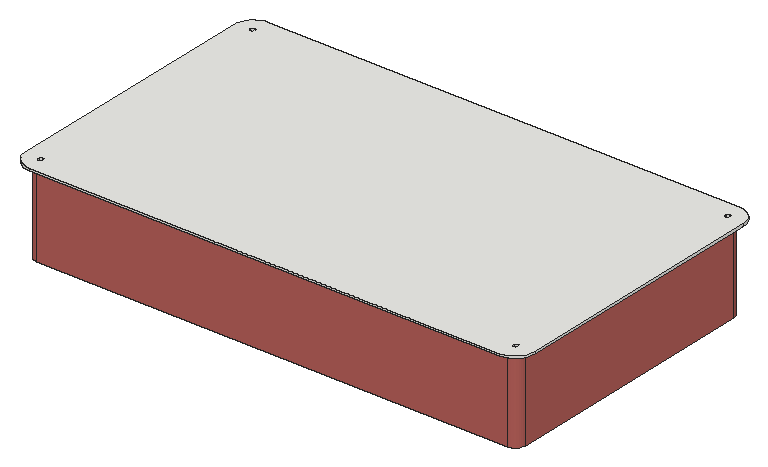
Revit family "Building-FlushMountingEnclosures-GEWISS-48PTDIN-JUNCTION-BOXES_FLUSH-MOUNTING", category Apparecchi elettrici, host Superficie, Revit 2016 (continued)
Definition of nested family "2D - 48PTDIN CASSETTE DERIVAZIONE INCASSO"
  Lines and regions (mm)
    detail lines, in view "Livello rif.", detail levels medium+fine
      curve 320: line (-98.945, -87.5, 0) -> (-108, -78.445, 0)
      curve 321: line (-108, -78.445, 0) -> (-108, 78.445, 0)
      curve 322: line (-108, 78.445, 0) -> (-98.945, 87.5, 0)
      curve 323: line (-98.945, 87.5, 0) -> (-11.368, 87.5, 0)
      curve 324: line (-11.368, 87.5, 0) -> (-1.2, 87.5, 0)
      curve 325: line (-1.2, 87.5, 0) -> (-1.2, 97.587, 0)
      curve 328: line (0, 97.628, 0) -> (0, -97.625, 0)
    detail lines, in view "Livello rif.", not visible, detail levels medium+fine
      curve 329: line (-21.237, -253.992, 0) -> (-21.237, -263.474, 0)
      curve 330: line (-21.237, -263.474, 0) -> (-15.311, -263.474, 0)
      curve 331: line (-15.311, -263.474, 0) -> (-15.311, -264.782, 0)
      curve 332: line (-15.311, -264.782, 0) -> (-21.237, -264.782, 0)
      curve 333: line (-21.237, -264.782, 0) -> (-21.237, -268.868, 0)
      curve 334: line (-21.237, -268.868, 0) -> (-17.559, -268.868, 0)
      curve 335: line (-17.559, -268.868, 0) -> (-14.906, -268.379, 0)
      curve 336: line (-14.906, -268.379, 0) -> (-12.602, -266.976, 0)
      curve 337: line (-12.602, -266.976, 0) -> (-10.95, -264.843, 0)
      curve 338: line (-10.95, -264.843, 0) -> (-10.168, -262.262, 0)
      curve 339: line (-10.168, -262.262, 0) -> (-10.37, -259.387, 0)
      curve 340: line (-10.37, -259.387, 0) -> (-17.15, -259.387, 0)
      curve 341: line (-17.15, -259.387, 0) -> (-17.15, -258.079, 0)
      curve 342: line (-17.15, -258.079, 0) -> (-11.33, -258.079, 0)
      curve 343: line (-11.33, -258.079, 0) -> (-11.172, -258.022, 0)
      curve 344: line (-11.172, -258.022, 0) -> (-11.088, -257.877, 0)
      curve 345: line (-11.088, -257.877, 0) -> (-11.118, -257.711, 0)
      curve 346: line (-11.118, -257.711, 0) -> (-12.778, -255.733, 0)
      curve 347: line (-12.778, -255.733, 0) -> (-15.015, -254.441, 0)
      curve 348: line (-15.015, -254.441, 0) -> (-17.559, -253.992, 0)
      curve 349: line (-17.559, -253.992, 0) -> (-21.237, -253.992, 0)
      curve 350: line (-26.632, -263.474, 0) -> (-34.07, -263.474, 0)
      curve 351: line (-34.07, -263.474, 0) -> (-34.07, -253.992, 0)
      curve 352: line (-34.07, -253.992, 0) -> (-22.545, -253.992, 0)
      curve 353: line (-22.545, -253.992, 0) -> (-22.545, -258.079, 0)
      curve 354: line (-22.545, -258.079, 0) -> (-29.983, -258.079, 0)
      curve 355: line (-29.983, -258.079, 0) -> (-29.983, -259.387, 0)
      curve 356: line (-29.983, -259.387, 0) -> (-22.545, -259.387, 0)
      curve 357: line (-22.545, -259.387, 0) -> (-22.545, -268.868, 0)
      curve 358: line (-22.545, -268.868, 0) -> (-34.07, -268.868, 0)
      curve 359: line (-34.07, -268.868, 0) -> (-34.07, -264.782, 0)
      curve 360: line (-34.07, -264.782, 0) -> (-26.632, -264.782, 0)
      curve 361: line (-26.632, -264.782, 0) -> (-26.632, -263.474, 0)
      curve 362: line (-35.378, -268.868, 0) -> (-35.378, -259.387, 0)
      curve 363: line (-35.378, -259.387, 0) -> (-39.465, -259.387, 0)
      curve 364: line (-39.465, -259.387, 0) -> (-39.465, -268.868, 0)
      curve 365: line (-39.465, -268.868, 0) -> (-35.378, -268.868, 0)
      curve 366: line (-60.43, -253.992, 0) -> (-60.43, -258.079, 0)
      curve 367: line (-60.43, -258.079, 0) -> (-55.812, -258.079, 0)
      curve 368: line (-55.812, -258.079, 0) -> (-53.196, -268.868, 0)
      curve 369: line (-53.196, -268.868, 0) -> (-49.109, -268.868, 0)
      curve 370: line (-49.109, -268.868, 0) -> (-47.904, -262.738, 0)
      curve 371: line (-47.904, -262.738, 0) -> (-46.698, -268.868, 0)
      curve 372: line (-46.698, -268.868, 0) -> (-42.611, -268.868, 0)
      curve 373: line (-42.611, -268.868, 0) -> (-40.2, -258.079, 0)
      curve 374: line (-40.2, -258.079, 0) -> (-35.378, -258.079, 0)
      curve 375: line (-35.378, -258.079, 0) -> (-35.378, -253.992, 0)
      curve 376: line (-35.378, -253.992, 0) -> (-43.347, -253.992, 0)
      curve 377: line (-43.347, -253.992, 0) -> (-44.818, -260.286, 0)
      curve 378: line (-44.818, -260.286, 0) -> (-45.84, -253.992, 0)
      curve 379: line (-45.84, -253.992, 0) -> (-50.09, -253.992, 0)
      curve 380: line (-50.09, -253.992, 0) -> (-51.112, -260.286, 0)
      curve 381: line (-51.112, -260.286, 0) -> (-52.583, -253.992, 0)
      curve 382: line (-52.583, -253.992, 0) -> (-60.43, -253.992, 0)
      curve 383: line (-67.868, -268.868, 0) -> (-67.868, -253.992, 0)
      curve 384: line (-67.868, -253.992, 0) -> (-61.738, -253.992, 0)
      curve 385: line (-61.738, -253.992, 0) -> (-61.738, -258.079, 0)
      curve 386: line (-61.738, -258.079, 0) -> (-63.781, -258.079, 0)
      curve 387: line (-63.781, -258.079, 0) -> (-63.781, -259.387, 0)
      curve 388: line (-63.781, -259.387, 0) -> (-56.343, -259.387, 0)
      curve 389: line (-56.343, -259.387, 0) -> (-56.343, -263.474, 0)
      curve 390: line (-56.343, -263.474, 0) -> (-63.781, -263.474, 0)
      curve 391: line (-63.781, -263.474, 0) -> (-63.781, -264.782, 0)
      curve 392: line (-63.781, -264.782, 0) -> (-56.343, -264.782, 0)
      curve 393: line (-56.343, -264.782, 0) -> (-56.343, -268.868, 0)
      curve 394: line (-56.343, -268.868, 0) -> (-67.868, -268.868, 0)
      curve 395: line (-73.263, -264.782, 0) -> (-73.263, -259.387, 0)
      curve 396: line (-73.263, -259.387, 0) -> (-69.176, -259.387, 0)
      curve 397: line (-69.176, -259.387, 0) -> (-69.176, -268.868, 0)
      curve 398: line (-69.176, -268.868, 0) -> (-72.854, -268.868, 0)
      curve 399: line (-72.854, -268.868, 0) -> (-76.081, -268.132, 0)
      curve 400: line (-76.081, -268.132, 0) -> (-78.669, -266.068, 0)
      curve 401: line (-78.669, -266.068, 0) -> (-80.106, -263.086, 0)
      curve 402: line (-80.106, -263.086, 0) -> (-80.106, -259.775, 0)
      curve 403: line (-80.106, -259.775, 0) -> (-78.669, -256.793, 0)
      curve 404: line (-78.669, -256.793, 0) -> (-76.081, -254.729, 0)
      curve 405: line (-76.081, -254.729, 0) -> (-72.854, -253.992, 0)
      curve 406: line (-72.854, -253.992, 0) -> (-69.176, -253.992, 0)
      curve 407: line (-69.176, -253.992, 0) -> (-69.176, -258.079, 0)
      curve 408: line (-69.176, -258.079, 0) -> (-74.571, -258.079, 0)
      curve 409: line (-74.571, -258.079, 0) -> (-74.571, -264.782, 0)
      curve 410: line (-74.571, -264.782, 0) -> (-73.263, -264.782, 0)
      curve 460: line (-21.237, -236.621, 0) -> (-21.237, -246.102, 0)
      curve 461: line (-21.237, -246.102, 0) -> (-15.311, -246.102, 0)
      curve 462: line (-15.311, -246.102, 0) -> (-15.311, -247.41, 0)
      curve 463: line (-15.311, -247.41, 0) -> (-21.237, -247.41, 0)
      curve 464: line (-21.237, -247.41, 0) -> (-21.237, -251.497, 0)
      curve 465: line (-21.237, -251.497, 0) -> (-17.559, -251.497, 0)
      curve 466: line (-17.559, -251.497, 0) -> (-14.906, -251.008, 0)
      curve 467: line (-14.906, -251.008, 0) -> (-12.602, -249.604, 0)
      curve 468: line (-12.602, -249.604, 0) -> (-10.95, -247.472, 0)
      curve 469: line (-10.95, -247.472, 0) -> (-10.168, -244.89, 0)
      curve 470: line (-10.168, -244.89, 0) -> (-10.37, -242.015, 0)
      curve 471: line (-10.37, -242.015, 0) -> (-17.15, -242.015, 0)
      curve 472: line (-17.15, -242.015, 0) -> (-17.15, -240.708, 0)
      curve 473: line (-17.15, -240.708, 0) -> (-11.33, -240.708, 0)
      curve 474: line (-11.33, -240.708, 0) -> (-11.172, -240.65, 0)
      curve 475: line (-11.172, -240.65, 0) -> (-11.088, -240.505, 0)
      curve 476: line (-11.088, -240.505, 0) -> (-11.118, -240.34, 0)
      curve 477: line (-11.118, -240.34, 0) -> (-12.778, -238.361, 0)
      curve 478: line (-12.778, -238.361, 0) -> (-15.015, -237.069, 0)
      curve 479: line (-15.015, -237.069, 0) -> (-17.559, -236.621, 0)
      curve 480: line (-17.559, -236.621, 0) -> (-21.237, -236.621, 0)
      curve 481: line (-26.632, -246.102, 0) -> (-34.07, -246.102, 0)
      curve 482: line (-34.07, -246.102, 0) -> (-34.07, -236.621, 0)
      curve 483: line (-34.07, -236.621, 0) -> (-22.545, -236.621, 0)
      curve 484: line (-22.545, -236.621, 0) -> (-22.545, -240.708, 0)
      curve 485: line (-22.545, -240.708, 0) -> (-29.983, -240.708, 0)
      curve 486: line (-29.983, -240.708, 0) -> (-29.983, -242.015, 0)
      curve 487: line (-29.983, -242.015, 0) -> (-22.545, -242.015, 0)
      curve 488: line (-22.545, -242.015, 0) -> (-22.545, -251.497, 0)
      curve 489: line (-22.545, -251.497, 0) -> (-34.07, -251.497, 0)
      curve 490: line (-34.07, -251.497, 0) -> (-34.07, -247.41, 0)
      curve 491: line (-34.07, -247.41, 0) -> (-26.632, -247.41, 0)
      curve 492: line (-26.632, -247.41, 0) -> (-26.632, -246.102, 0)
      curve 493: line (-35.378, -251.497, 0) -> (-35.378, -242.015, 0)
      curve 494: line (-35.378, -242.015, 0) -> (-39.465, -242.015, 0)
      curve 495: line (-39.465, -242.015, 0) -> (-39.465, -251.497, 0)
      curve 496: line (-39.465, -251.497, 0) -> (-35.378, -251.497, 0)
      curve 497: line (-60.43, -236.621, 0) -> (-60.43, -240.708, 0)
      curve 498: line (-60.43, -240.708, 0) -> (-55.812, -240.708, 0)
      curve 499: line (-55.812, -240.708, 0) -> (-53.196, -251.497, 0)
      curve 500: line (-53.196, -251.497, 0) -> (-49.109, -251.497, 0)
      curve 501: line (-49.109, -251.497, 0) -> (-47.904, -245.367, 0)
      curve 502: line (-47.904, -245.367, 0) -> (-46.698, -251.497, 0)
      curve 503: line (-46.698, -251.497, 0) -> (-42.611, -251.497, 0)
      curve 504: line (-42.611, -251.497, 0) -> (-40.2, -240.708, 0)
      curve 505: line (-40.2, -240.708, 0) -> (-35.378, -240.708, 0)
      curve 506: line (-35.378, -240.708, 0) -> (-35.378, -236.621, 0)
      curve 507: line (-35.378, -236.621, 0) -> (-43.347, -236.621, 0)
      curve 508: line (-43.347, -236.621, 0) -> (-44.818, -242.915, 0)
      curve 509: line (-44.818, -242.915, 0) -> (-45.84, -236.621, 0)
      curve 510: line (-45.84, -236.621, 0) -> (-50.09, -236.621, 0)
      curve 511: line (-50.09, -236.621, 0) -> (-51.112, -242.915, 0)
      curve 512: line (-51.112, -242.915, 0) -> (-52.583, -236.621, 0)
      curve 513: line (-52.583, -236.621, 0) -> (-60.43, -236.621, 0)
      curve 514: line (-67.868, -251.497, 0) -> (-67.868, -236.621, 0)
      curve 515: line (-67.868, -236.621, 0) -> (-61.738, -236.621, 0)
      curve 516: line (-61.738, -236.621, 0) -> (-61.738, -240.708, 0)
      curve 517: line (-61.738, -240.708, 0) -> (-63.781, -240.708, 0)
      curve 518: line (-63.781, -240.708, 0) -> (-63.781, -242.015, 0)
      curve 519: line (-63.781, -242.015, 0) -> (-56.343, -242.015, 0)
      curve 520: line (-56.343, -242.015, 0) -> (-56.343, -246.102, 0)
      curve 521: line (-56.343, -246.102, 0) -> (-63.781, -246.102, 0)
      curve 522: line (-63.781, -246.102, 0) -> (-63.781, -247.41, 0)
      curve 523: line (-63.781, -247.41, 0) -> (-56.343, -247.41, 0)
      curve 524: line (-56.343, -247.41, 0) -> (-56.343, -251.497, 0)
      curve 525: line (-56.343, -251.497, 0) -> (-67.868, -251.497, 0)
      curve 526: line (-73.263, -247.41, 0) -> (-73.263, -242.015, 0)
      curve 527: line (-73.263, -242.015, 0) -> (-69.176, -242.015, 0)
      curve 528: line (-69.176, -242.015, 0) -> (-69.176, -251.497, 0)
      curve 529: line (-69.176, -251.497, 0) -> (-72.854, -251.497, 0)
      curve 530: line (-72.854, -251.497, 0) -> (-76.081, -250.76, 0)
      curve 531: line (-76.081, -250.76, 0) -> (-78.669, -248.696, 0)
      curve 532: line (-78.669, -248.696, 0) -> (-80.106, -245.714, 0)
      curve 533: line (-80.106, -245.714, 0) -> (-80.106, -242.404, 0)
      curve 534: line (-80.106, -242.404, 0) -> (-78.669, -239.421, 0)
      curve 535: line (-78.669, -239.421, 0) -> (-76.081, -237.357, 0)
      curve 536: line (-76.081, -237.357, 0) -> (-72.854, -236.621, 0)
      curve 537: line (-72.854, -236.621, 0) -> (-69.176, -236.621, 0)
      curve 538: line (-69.176, -236.621, 0) -> (-69.176, -240.708, 0)
      curve 539: line (-69.176, -240.708, 0) -> (-74.571, -240.708, 0)
      curve 540: line (-74.571, -240.708, 0) -> (-74.571, -247.41, 0)
      curve 541: line (-74.571, -247.41, 0) -> (-73.263, -247.41, 0)
  Dimensions and locks
    equal spacing: plane 4, plane 3 "Centro (Sinistra/Destra)", plane 5
    equal spacing: plane 6, plane 1 "Centro (Fronte/Retro)", plane 7
    "Larghezza": plane 6 to plane 7
    "Lunghezza": plane 4 to plane 5
    locked: plane 4 to curve 149 at 17.894
    locked: curve 99 to plane 6 at 17.619
    aligned and locked: curve 73 to plane 6
    aligned and locked: curve 326 to plane 7
    aligned and locked: plane 5 to curve 327
    aligned and locked: plane 4 to curve 72
  Automatic sketch dimensions
    curve 43 to curve 55 = 0 mm  (x2)
    curve 43 to curve 63 = 0 mm  (x2)
    curve 43 to curve 64 = 0 mm  (x2)
    curve 46 to curve 57 = 0 mm  (x2)
    curve 46 to curve 66 = 0 mm  (x2)
    curve 46 to curve 68 = 0 mm  (x2)
    curve 49 to curve 56 = 0 mm  (x2)
    curve 49 to curve 61 = 0 mm  (x2)
    curve 49 to curve 62 = 0 mm  (x2)
    curve 52 to curve 58 = 0 mm  (x2)
    curve 52 to curve 65 = 0 mm  (x2)
    curve 52 to curve 67 = 0 mm  (x2)
    curve 27 to plane 4 = 0 mm
    plane 1 "Centro (Fronte/Retro)" to curve 286 = 0 mm
    curve 326 to plane 7 = 0 mm
    curve 27 to plane 6 = 0 mm
    curve 328 to plane 3 "Centro (Sinistra/Destra)" = 0 mm
    plane 1 "Centro (Fronte/Retro)" to curve 226 = 0 mm
    curve 28 to plane 5 = 0 mm
    plane 4 to curve 48 = 1.813 mm
    plane 4 to curve 54 = 1.813 mm
    curve 54 to curve 52 = 0.187 mm
    curve 48 to curve 46 = 0.187 mm
    curve 70 to curve 52 = 0 mm
    curve 60 to curve 46 = 0 mm
    curve 70 to curve 53 = 1.502 mm
    curve 60 to curve 47 = 1.502 mm
    plane 4 to curve 33 = 5.985 mm
    plane 4 to curve 38 = 5.985 mm
    curve 33 to curve 40 = 4.014 mm
    curve 40 to curve 30 = 0.001 mm  (x2)
    curve 38 to curve 27 = 4.015 mm
    curve 27 to curve 42 = 0.006 mm
    curve 42 to curve 37 = 0.009 mm
    curve 40 to curve 34 = 0.016 mm
    curve 36 to plane 5 = 10.015 mm
    curve 31 to plane 5 = 10.015 mm
    curve 31 to curve 39 = 0.013 mm
    curve 39 to curve 29 = 0.002 mm
    curve 36 to curve 28 = 0.015 mm
    curve 29 to curve 32 = 4.015 mm
    curve 41 to curve 35 = 4.008 mm
    curve 50 to plane 5 = 3.502 mm
    curve 44 to plane 5 = 3.502 mm
    curve 50 to curve 56 = 1.502 mm
    curve 44 to curve 63 = 1.502 mm
    curve 69 to curve 49 = 0 mm
    curve 59 to curve 43 = 0 mm
    curve 43 to curve 45 = 0.187 mm
    curve 49 to curve 51 = 0.187 mm
    plane 7 to curve 44 = 1.813 mm
    plane 7 to curve 47 = 1.813 mm
    curve 47 to curve 60 = 0.185 mm
    curve 44 to curve 59 = 0.185 mm
    curve 59 to curve 63 = 0.002 mm
    curve 60 to curve 66 = 0.002 mm
    curve 43 to curve 45 = 1.502 mm
    curve 46 to curve 48 = 1.502 mm
    curve 31 to curve 29 = 4.015 mm
    curve 34 to curve 30 = 4.015 mm
    curve 29 to curve 39 = 0.006 mm
    curve 39 to curve 32 = 0.01 mm
    curve 40 to curve 33 = 0.017 mm
    curve 38 to curve 27 = 0.015 mm
    curve 35 to curve 28 = 0.015 mm
    curve 42 to curve 27 = 0.002 mm
    curve 28 to curve 41 = 0.006 mm
    curve 41 to curve 36 = 4.009 mm
    curve 27 to curve 37 = 4.015 mm
    curve 51 to plane 6 = 3.502 mm
    curve 54 to plane 6 = 3.502 mm
    curve 54 to curve 52 = 1.502 mm
    curve 51 to curve 61 = 1.502 mm
    curve 49 to curve 69 = 0.002 mm
    curve 52 to curve 70 = 0.002 mm
    curve 70 to curve 53 = 0.185 mm
    curve 69 to curve 50 = 0.185 mm
    plane 4 to curve 65 = 2.57 mm
    plane 4 to curve 68 = 2.57 mm
    curve 68 to curve 68 = 1.201 mm
    curve 65 to curve 53 = 1.201 mm
    curve 159 to curve 33 = 1.105 mm  (x2)
    curve 162 to curve 38 = 1.105 mm
    curve 162 to curve 38 = 0 mm
    curve 159 to curve 33 = 0 mm  (x2)
    curve 47 to curve 47 = 1.641 mm
    curve 53 to curve 53 = 1.641 mm
    curve 47 to curve 66 = 0.626 mm
    curve 53 to curve 67 = 0.626 mm
    curve 67 to curve 281 = 0.003 mm
    curve 66 to curve 277 = 0.003 mm
    curve 281 to curve 282 = 0.006 mm
    curve 277 to curve 278 = 0.006 mm
    plane 4 to curve 289 = 6.068 mm
    plane 1 "Centro (Fronte/Retro)" to curve 276 = 0.75 mm
    plane 4 to curve 276 = 6.068 mm
    curve 282 to curve 283 = 0.193 mm
    curve 278 to curve 278 = 0.193 mm
    curve 279 to curve 186 = 0.801 mm
    curve 281 to curve 283 = 0.801 mm
    curve 33 to curve 158 = 1.108 mm
    curve 38 to curve 38 = 1.11 mm
    curve 194 to curve 196 = 0.497 mm
    curve 273 to curve 173 = 1.47 mm
    curve 289 to curve 174 = 1.47 mm
    curve 279 to curve 187 = 0.497 mm
    curve 268 to curve 185 = 1.47 mm
    curve 185 to curve 46 = 0 mm
    curve 194 to curve 52 = 0 mm
    curve 162 to curve 37 = 1.11 mm
    curve 34 to curve 34 = 1.108 mm
    curve 174 to curve 288 = 2.962 mm
    curve 186 to curve 267 = 3.459 mm
    curve 283 to curve 292 = 3.459 mm
    curve 274 to curve 267 = 0 mm
    curve 34 to curve 34 = 1.105 mm
    curve 37 to curve 37 = 1.105 mm
    curve 37 to curve 163 = 0 mm
    curve 34 to curve 158 = 0 mm  (x2)
    curve 266 to curve 320 = 1.5 mm
    curve 163 to curve 197 = 1.842 mm
    curve 158 to curve 182 = 1.842 mm
    curve 182 to curve 46 = 0 mm  (x2)
    curve 197 to curve 52 = 0 mm
    curve 182 to curve 272 = 0.237 mm
    curve 197 to curve 198 = 0.237 mm
    curve 306 to curve 304 = 0.324 mm
    curve 271 to curve 272 = 0.324 mm
    curve 307 to plane 6 = 6.24 mm
    curve 307 to curve 58 = 0.052 mm
    curve 270 to curve 57 = 0.052 mm
    curve 305 to plane 6 = 6.046 mm
    curve 58 to curve 305 = 0.015 mm
    plane 7 to curve 269 = 6.046 mm
    curve 57 to curve 269 = 0.015 mm
    plane 7 to curve 270 = 6.041 mm
    curve 269 to curve 270 = 0.002 mm
    curve 304 to plane 6 = 6.041 mm
    curve 305 to curve 304 = 0.002 mm
    curve 304 to curve 54 = 0.183 mm
    curve 270 to curve 57 = 0.183 mm
    curve 54 to curve 70 = 0.149 mm
    curve 48 to curve 60 = 0.149 mm
    curve 54 to curve 70 = 0.117 mm
    curve 48 to curve 60 = 0.117 mm
    curve 46 to curve 265 = 7.537 mm
    curve 52 to curve 294 = 7.537 mm
    curve 265 to curve 320 = 0.555 mm
    curve 293 to curve 322 = 0.555 mm
    curve 322 to curve 294 = 13.395 mm
    curve 319 to curve 184 = 13.395 mm
    curve 264 to curve 261 = 1.5 mm
    curve 294 to curve 298 = 1.5 mm
    curve 299 to plane 6 = 11 mm
    curve 299 to plane 3 "Centro (Sinistra/Destra)" = 23.15 mm
    plane 7 to curve 260 = 6.068 mm
    curve 260 to plane 3 "Centro (Sinistra/Destra)" = 23.15 mm
    curve 260 to curve 258 = 1.5 mm
    curve 299 to curve 300 = 1.5 mm
    curve 257 to curve 319 = 10.282 mm
    curve 301 to curve 303 = 10.282 mm
    curve 256 to curve 318 = 0 mm
    curve 324 to curve 303 = 0 mm
    curve 256 to plane 3 "Centro (Sinistra/Destra)" = 1.2 mm
    curve 303 to plane 3 "Centro (Sinistra/Destra)" = 1.2 mm
    plane 3 "Centro (Sinistra/Destra)" to curve 208 = 1.2 mm
    plane 3 "Centro (Sinistra/Destra)" to curve 244 = 1.2 mm
    curve 315 to curve 314 = 10.168 mm
    curve 244 to curve 244 = 10.168 mm
    curve 309 to curve 244 = 0 mm
    curve 209 to curve 314 = 0 mm
    curve 208 to curve 201 = 10.282 mm
    curve 244 to curve 246 = 10.282 mm
    curve 246 to curve 248 = 1.5 mm
    curve 201 to curve 168 = 1.5 mm
    curve 250 to curve 31 = 25.935 mm
    curve 213 to plane 6 = 11 mm
    curve 213 to curve 28 = 25.95 mm
    curve 168 to curve 188 = 1.5 mm
    curve 249 to curve 235 = 1.5 mm
    curve 310 to curve 39 = 11.119 mm
    curve 313 to curve 28 = 11.055 mm
    curve 313 to curve 217 = 0.555 mm
    curve 310 to curve 233 = 0.621 mm
    curve 59 to curve 39 = 4.039 mm
    curve 69 to curve 41 = 4.048 mm
    curve 59 to curve 59 = 0.117 mm
    curve 69 to curve 51 = 0.117 mm
    curve 59 to curve 55 = 0.149 mm
    curve 51 to curve 56 = 0.149 mm
    curve 204 to plane 6 = 6.041 mm
    curve 51 to curve 204 = 0.183 mm
    plane 7 to curve 252 = 6.041 mm
    curve 45 to curve 252 = 0.183 mm
    curve 205 to plane 6 = 6.046 mm
    curve 204 to curve 205 = 0.002 mm
    plane 7 to curve 253 = 6.046 mm
    curve 252 to curve 253 = 0.002 mm
    curve 252 to curve 55 = 0.017 mm
    curve 204 to curve 56 = 0.017 mm
    curve 207 to plane 6 = 6.24 mm
    curve 205 to curve 207 = 0.067 mm
    curve 253 to curve 253 = 0.067 mm
    plane 7 to curve 254 = 6.24 mm
    curve 252 to curve 180 = 0.324 mm
    curve 205 to curve 189 = 0.324 mm
    curve 190 to curve 49 = 0.237 mm
    curve 181 to curve 43 = 0.237 mm
    curve 43 to curve 180 = 0 mm
    curve 49 to curve 189 = 0 mm
    curve 312 to curve 39 = 1.998 mm
    curve 160 to curve 36 = 1.108 mm
    curve 31 to curve 31 = 1.102 mm
    curve 312 to curve 218 = 1.5 mm
    curve 222 to curve 219 = 0 mm
    curve 229 to plane 5 = 10.5 mm
    curve 71 to curve 218 = 0 mm
    curve 231 to curve 228 = 0 mm
    curve 31 to curve 31 = 1.105 mm  (x2)
    curve 31 to curve 74 = 0 mm  (x2)
    curve 36 to curve 36 = 1.108 mm
    curve 49 to curve 35 = 1.553 mm
    curve 43 to curve 32 = 1.553 mm
    curve 43 to curve 178 = 0 mm
    curve 223 to curve 169 = 2.962 mm
    curve 193 to curve 169 = 0 mm
    plane 1 "Centro (Fronte/Retro)" to curve 170 = 0.75 mm
    curve 170 to curve 169 = 0 mm
    curve 35 to curve 35 = 1.108 mm  (x2)
    curve 75 to curve 32 = 1.105 mm
    curve 75 to curve 32 = 0 mm  (x2)
    curve 176 to curve 177 = 0.497 mm
    curve 191 to curve 238 = 0.497 mm
    curve 177 to curve 242 = 0.801 mm
    curve 238 to curve 239 = 0.801 mm
    curve 176 to curve 231 = 1.47 mm
    curve 169 to curve 222 = 1.47 mm
    curve 170 to curve 226 = 1.47 mm
    curve 237 to curve 237 = 0.193 mm
    curve 241 to curve 241 = 0.193 mm
    curve 241 to curve 240 = 0.006 mm
    curve 237 to curve 236 = 0.006 mm
    curve 236 to curve 62 = 0.003 mm
    curve 240 to curve 63 = 0.003 mm
    curve 236 to curve 50 = 0.629 mm
    curve 240 to curve 44 = 0.629 mm
    curve 32 to curve 32 = 1.102 mm
    curve 50 to curve 61 = 1.641 mm
    curve 44 to curve 44 = 1.641 mm
    curve 44 to curve 64 = 1.201 mm
    curve 50 to curve 61 = 1.201 mm
    curve 164 to plane 5 = 2.371 mm
    curve 328 to curve 308 = 0.038 mm
    curve 328 to curve 317 = 0.038 mm
    plane 7 to curve 59 = 2.568 mm
    plane 7 to curve 60 = 2.568 mm
    curve 159 to curve 34 = 1.102 mm
    plane 7 to curve 262 = 6.068 mm
    plane 7 to curve 246 = 6.068 mm
    curve 252 to curve 255 = 0.801 mm
    curve 271 to curve 272 = 0.801 mm
    curve 258 to curve 202 = 1.47 mm
    curve 182 to curve 182 = 0.497 mm
    curve 246 to curve 200 = 1.47 mm
    curve 247 to curve 171 = 1.47 mm
    curve 262 to curve 172 = 1.47 mm
    curve 263 to curve 184 = 1.47 mm
    curve 235 to curve 179 = 1.47 mm
    curve 179 to curve 43 = 0 mm
    curve 74 to curve 32 = 1.108 mm
    curve 200 to curve 245 = 3.462 mm
    curve 179 to curve 235 = 3.462 mm
    curve 260 to curve 258 = 0 mm
    curve 250 to curve 234 = 0 mm
    curve 264 to curve 262 = 0 mm
    curve 46 to curve 266 = 3.462 mm
    curve 244 to curve 309 = 1.5 mm
    curve 265 to curve 319 = 1.5 mm
    curve 233 to curve 311 = 1.5 mm
    curve 46 to curve 187 = 0 mm
    curve 43 to curve 177 = 0 mm
    curve 176 to curve 243 = 0.237 mm
    curve 185 to curve 186 = 0.237 mm
    curve 177 to curve 241 = 0.324 mm
    curve 186 to curve 280 = 0.324 mm
    curve 241 to curve 63 = 0.052 mm
    curve 277 to curve 66 = 0.052 mm
    curve 63 to curve 241 = 0.015 mm
    curve 66 to curve 278 = 0.015 mm
    curve 241 to curve 240 = 0.002 mm
    curve 278 to curve 277 = 0.002 mm
    curve 186 to curve 266 = 7.8 mm
    curve 177 to curve 232 = 7.8 mm
    curve 266 to curve 320 = 0.555 mm
    curve 232 to curve 312 = 0.621 mm
    curve 311 to curve 232 = 13.229 mm
    curve 266 to curve 273 = 13.85 mm
    curve 268 to curve 273 = 1.5 mm
    curve 231 to curve 228 = 1.5 mm
    curve 224 to plane 1 "Centro (Fronte/Retro)" = 0.75 mm
    curve 174 to plane 1 "Centro (Fronte/Retro)" = 0.75 mm
    curve 288 to curve 42 = 26.348 mm
    curve 169 to curve 35 = 26.335 mm
    curve 289 to curve 291 = 1.5 mm
    curve 222 to curve 219 = 1.5 mm
    curve 219 to curve 71 = 4.227 mm
    curve 71 to curve 71 = 8.623 mm
    curve 71 to curve 312 = 0.445 mm
    curve 321 to curve 42 = 11.553 mm
    curve 321 to curve 293 = 0.555 mm
    curve 71 to curve 219 = 1 mm
    curve 61 to curve 41 = 4.047 mm
    curve 65 to curve 42 = 4.039 mm
    curve 281 to curve 67 = 0.017 mm
    curve 236 to curve 62 = 0.017 mm
    curve 236 to curve 237 = 0.002 mm
    curve 281 to curve 282 = 0.002 mm
    curve 237 to curve 237 = 0.067 mm
    curve 282 to curve 281 = 0.067 mm
    curve 236 to curve 239 = 0.324 mm
    curve 281 to curve 194 = 0.324 mm
    curve 194 to curve 52 = 0.237 mm
    curve 192 to curve 49 = 0.237 mm
    curve 49 to curve 193 = 0 mm
    curve 52 to curve 194 = 0 mm
    curve 314 to curve 49 = 4.962 mm
    curve 160 to curve 35 = 1.102 mm
    curve 38 to curve 38 = 1.1 mm
    curve 322 to curve 294 = 1.5 mm
    curve 294 to curve 297 = 0 mm
    curve 299 to curve 301 = 0 mm
    curve 314 to curve 209 = 1.5 mm
    curve 213 to curve 216 = 0 mm
    curve 38 to curve 162 = 0 mm
    curve 52 to curve 199 = 0 mm
    curve 208 to curve 201 = 3.462 mm
    curve 49 to curve 190 = 0 mm
    curve 203 to curve 201 = 0 mm
    curve 199 to curve 175 = 0 mm
    curve 168 to curve 188 = 0 mm
    curve 163 to curve 37 = 1.105 mm
    curve 163 to curve 37 = 0 mm
    curve 160 to curve 36 = 1.102 mm
    curve 188 to curve 206 = 0.497 mm
    curve 197 to curve 197 = 0.497 mm
    curve 175 to curve 296 = 1.47 mm
    curve 168 to curve 215 = 1.47 mm
    curve 175 to curve 299 = 1.47 mm
    curve 168 to curve 212 = 1.47 mm
    curve 304 to curve 58 = 0.003 mm
    curve 204 to curve 56 = 0.003 mm
    curve 325 to curve 316 = 0 mm
    curve 325 to curve 328 = 0.041 mm
Types (6, lengths in mm): name | Technical sheet | Outer dim. LxHxD (mm) | No. supports GW44720 | No. EN 50022 mod. per comp. | Modello | IDT | GEWISS SCHEDA TECNICA | Profondità | Lunghezza | Larghezza | EAN code | Dispersible power (W) | Dispersible max power (W) | Descrizione | Compartment pre-arrangement
  GW48006 - F. MOU. JUNCTION BOX DIN RAIL 196X152X75 | "https://www.gewiss.com/ww/en/search?q=GW48006" | "196x152x75" | "2" | "4.5" | "GW48006" | "305b9303-99aa-42b5-a90e-5a8c033358f3" | "http://pro.gewiss.com/irj/portal/?NavigationTarget=pcd:portal_content/com.gewiss.ZPPFDMain/com.gewiss.ZPPFDITMain/com.gewiss.ZPPFDITMainDefault/com.gewiss.ZPPFDITPages/com.gewiss.ZPPFDITPagesAP/com.gewiss.ZPPFDITPagesAPCatalogo/com.gewiss.ZPPPDITAPProductDetail&codProd=GW48006" | 75 | 196 | 152 | "8011564016439" | "11" | "11" | "F. MOU. JUNCTION BOX DIN RAIL 196X152X75" | "2"
  GW48007 - F. MOU. JUNCTION BOX DIN RAIL 294X152X75 | "https://www.gewiss.com/ww/en/search?q=GW48007" | "294x152x75" | "3" | "5" | "GW48007" | "0cf92a8e-c44d-4642-9c3f-9a9475a5a85c" | "http://pro.gewiss.com/irj/portal/?NavigationTarget=pcd:portal_content/com.gewiss.ZPPFDMain/com.gewiss.ZPPFDITMain/com.gewiss.ZPPFDITMainDefault/com.gewiss.ZPPFDITPages/com.gewiss.ZPPFDITPagesAP/com.gewiss.ZPPFDITPagesAPCatalogo/com.gewiss.ZPPPDITAPProductDetail&codProd=GW48007" | 75 | 294 | 152 | "8011564016446" | "13" | "13" | "F. MOU. JUNCTION BOX DIN RAIL 294X152X75" | "3"
  GW48008 - F. MOU. JUNCTION BOX DIN RAIL 392X152X75 | "https://www.gewiss.com/ww/en/search?q=GW48008" | "392x152x75" | "4" | "5" | "GW48008" | "96e09294-9605-41d9-91ff-34fa56b97196" | "http://pro.gewiss.com/irj/portal/?NavigationTarget=pcd:portal_content/com.gewiss.ZPPFDMain/com.gewiss.ZPPFDITMain/com.gewiss.ZPPFDITMainDefault/com.gewiss.ZPPFDITPages/com.gewiss.ZPPFDITPagesAP/com.gewiss.ZPPFDITPagesAPCatalogo/com.gewiss.ZPPPDITAPProductDetail&codProd=GW48008" | 75 | 392 | 152 | "8011564016453" | "17" | "17" | "F. MOU. JUNCTION BOX DIN RAIL 392X152X75" | "4"
  GW48009 - F. MOU. JUNCTION BOX DIN RAIL 480X160X75 | "https://www.gewiss.com/ww/en/search?q=GW48009" | "480x160x75" | "5" | "8" | "GW48009" | "361155cd-8a20-45f2-a2dc-8370a2e5b508" | "http://pro.gewiss.com/irj/portal/?NavigationTarget=pcd:portal_content/com.gewiss.ZPPFDMain/com.gewiss.ZPPFDITMain/com.gewiss.ZPPFDITMainDefault/com.gewiss.ZPPFDITPages/com.gewiss.ZPPFDITPagesAP/com.gewiss.ZPPFDITPagesAPCatalogo/com.gewiss.ZPPPDITAPProductDetail&codProd=GW48009" | 75 | 480 | 160 | "8011564016460" | "25" | "25" | "F. MOU. JUNCTION BOX DIN RAIL 480X160X75" | "3"
  GW48010 - F. MOU. JUNCTION BOX DIN RAIL 516X202X90 | "https://www.gewiss.com/ww/en/search?q=GW48010" | "516x202x90" | "5" | "9" | "GW48010" | "6556ed5e-addf-447a-9f08-b09aa82011aa" | "http://pro.gewiss.com/irj/portal/?NavigationTarget=pcd:portal_content/com.gewiss.ZPPFDMain/com.gewiss.ZPPFDITMain/com.gewiss.ZPPFDITMainDefault/com.gewiss.ZPPFDITPages/com.gewiss.ZPPFDITPagesAP/com.gewiss.ZPPFDITPagesAPCatalogo/com.gewiss.ZPPPDITAPProductDetail&codProd=GW48010" | 90 | 516 | 202 | "8011564016477" | "29" | "29" | "F. MOU. JUNCTION BOX DIN RAIL 516X202X90" | "3"
  GW48011 - F. MOU. JUNCTION BOX DIN RAIL 516X294X90 | "https://www.gewiss.com/ww/en/search?q=GW48011" | "516x294x90" | "5" | "4" | "GW48011" | "0a8aa141-8753-4dc7-abbd-525a4c5009ab" | "http://pro.gewiss.com/irj/portal/?NavigationTarget=pcd:portal_content/com.gewiss.ZPPFDMain/com.gewiss.ZPPFDITMain/com.gewiss.ZPPFDITMainDefault/com.gewiss.ZPPFDITPages/com.gewiss.ZPPFDITPagesAP/com.gewiss.ZPPFDITPagesAPCatalogo/com.gewiss.ZPPPDITAPProductDetail&codProd=GW48011" | 90 | 516 | 294 | "8011564016484" | "30" | "30" | "F. MOU. JUNCTION BOX DIN RAIL 516X294X90" | "6"
